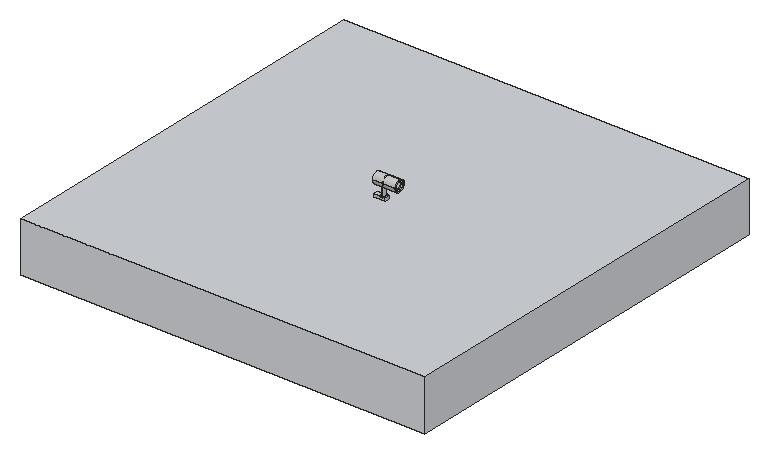
Revit family "LAMP_HANCE TRACK MEDIUM FLOOD (DALI)", category Modelos genéricos, Revit 2015
Parameters (values of type "751LM 3000 BLACK")
  Weight = 0.47 kg
  Type = "COB PHILIPS"
  Total height = 190 mm
  Tilting angle [instance] = 90.00°
  Tilting [instance] = if(Tilting angle < 0.00°, 0.00°, if(Tilting angle > 90.00°, 90.00°, Tilting angle))  # 90.00°
  Rotation angle [instance] = 0.00°
  Rotation [instance] = if(Rotation angle < 0.00°, 90.00°, if(Rotation angle > 355.00°, 85.00°, Rotation angle + 90.00°))  # 90.00°
  Protection rating = "IP20"
  Profundidad tija = if(Longitud cuerpo = 210 mm, 18 mm, 8.2 mm)  # 8.2 mm
  Product datasheet = "http://www.lamp.es/product-files/TECH/HS1TK10MF830DBB-EN.pdf"
  Product code = "HS1TK10MF830DBB"
  Product URL = "http://www.lamp.es/en/family/hance_173901"
  Power Supply = "220-240V 50-60Hz"
  Power = 7 W
  Plum = 8.2 W
  Photometric web file = Cuerpo Hance TRACK MEDIUM FLOOD (tilting) : 751LM 3000 BLACK
  Modelo = Product code  # "HS1TK10MF830DBB"
  Model explanation = "Availability of tilting between 0º and 90º, rotation between 0º and 355º and change ring color when placed in a project."
  Material track = LAMP_Aluminio Hance Negro
  Material tija = LAMP_Aluminio Hance Negro
  Manufacturer name = "LAMP"
  Manufacturer country = "Spain"
  Manufacturer URL = "http://www.lamp.es/en"
  MacAdam = "3"
  Luminaire type = "Indoor - Spotlight"
  Longitud cuerpo = 135 mm
  Longitud aro = if(Longitud cuerpo = 135 mm, 63.6 mm, if(Longitud cuerpo = 170 mm, 98.6 mm, 138.6 mm))  # 63.6 mm
  Last update = "08/08/2018"
  Lamp = "LED COB"
  LED Lifetime = "50.000 L90 B10"
  Insulation class = "I"
  Installation instructions = "http://www.lamp.es/product-files/INS/1004280-A-INSTR.%20MONT%20HANCE%20TRACK220-SUR-REC.pdf"
  Initial intensity = 751 lm
  Initial color = 3000 K
  IEE = "A+"
  Gear = "Adjustable DALI"
  Finish = "Texturised black"
  Fabricante = Manufacturer name  # "LAMP"
  Default Elevation = 1219.2 mm
  Efficacy = 91.63 lm/W
  Diameter = 65 mm
  Descripción = "HANCE TRACK 220 1000 WW MFL BK."
  Decorative ring [instance] = Aro decorativo (tilting) : Black
  Comentarios de tipo = Model explanation  # "Availability of tilting between 0º and 90º, rotation between 0º and 355º and change ring color when placed in a project."
  CRI = "80"
  Body height = 135 mm
  Angulo aro [instance] = if(Tilting = 90.00°, 90.00°, -Tilting + 180.00°)  # 90.00°
  Anchura tija = if(Longitud cuerpo = 210 mm, 28 mm, 23 mm)  # 23 mm
  Altura tija = if(Longitud cuerpo = 210 mm, 49 mm, 63 mm)  # 63 mm
Types (17, lengths in mm): name | Weight | Total height | Profundidad tija | Product datasheet | Product code | Power | Plum | Photometric web file | Modelo | Material track | Material tija | Longitud cuerpo | Longitud aro | LED Lifetime | Initial intensity | Initial color | IEE | Finish | Efficacy | Diameter | Descripción | Body height | Anchura tija | Altura tija
  (no name) | 0.47 kg | 190 | 8.2 | "http://www.lamp.es/product-files/TECH/HS1TK10MF830DBB-EN.pdf" | "HS1TK10MF830DBB" | 7 W | 8.2 W | Cuerpo Hance TRACK MEDIUM FLOOD (tilting) : 751LM 3000 BLACK | "HS1TK10MF830DBB" | LAMP_Aluminio Hance Negro | LAMP_Aluminio Hance Negro | 135 | 63.6 | "50.000 L90 B10" | 751 lm | 3000 K | "A+" | "Texturised black" | 91.63 lm/W | 65 | "HANCE TRACK 220 1000 WW MFL BK." | 135 | 23 | 63
  751LM 3000 BLACK | 0.47 kg | 190 | 8.2 | "http://www.lamp.es/product-files/TECH/HS1TK10MF830DBB-EN.pdf" | "HS1TK10MF830DBB" | 7 W | 8.2 W | Cuerpo Hance TRACK MEDIUM FLOOD (tilting) : 751LM 3000 BLACK | "HS1TK10MF830DBB" | LAMP_Aluminio Hance Negro | LAMP_Aluminio Hance Negro | 135 | 63.6 | "50.000 L90 B10" | 751 lm | 3000 K | "A+" | "Texturised black" | 91.63 lm/W | 65 | "HANCE TRACK 220 1000 WW MFL BK." | 135 | 23 | 63
  751LM 3000 WHITE | 0.47 kg | 190 | 8.2 | "http://www.lamp.es/product-files/TECH/HS1TK10MF830DBW-EN.pdf" | "HS1TK10MF830DBW" | 7 W | 8.2 W | Cuerpo Hance TRACK MEDIUM FLOOD (tilting) : 751LM 3000 WHITE | "HS1TK10MF830DBW" | LAMP_Aluminio Hance Blanco | LAMP_Aluminio Hance Blanco | 135 | 63.6 | "50.000 L90 B10" | 751 lm | 3000 K | "A+" | "Texturised matt white" | 91.63 lm/W | 65 | "HANCE TRACK 220 1000 WW MFL WH." | 135 | 23 | 63
  794LM 4000 BLACK | 0.47 kg | 190 | 8.2 | "http://www.lamp.es/product-files/TECH/HS1TK10MF840DBB-EN.pdf" | "HS1TK10MF840DBB" | 7 W | 8.2 W | Cuerpo Hance TRACK MEDIUM FLOOD (tilting) : 794LM 4000 BLACK | "HS1TK10MF840DBB" | LAMP_Aluminio Hance Negro | LAMP_Aluminio Hance Negro | 135 | 63.6 | "50.000 L90 B10" | 794 lm | 4000 K | "A++" | "Texturised black" | 96.83 lm/W | 65 | "HANCE TRACK 220 1000 NW MFL BK." | 135 | 23 | 63
  794LM 4000 WHITE | 0.47 kg | 190 | 8.2 | "http://www.lamp.es/product-files/TECH/HS1TK10MF840DBW-EN.pdf" | "HS1TK10MF840DBW" | 7 W | 8.2 W | Cuerpo Hance TRACK MEDIUM FLOOD (tilting) : 794LM 4000 WHITE | "HS1TK10MF840DBW" | LAMP_Aluminio Hance Blanco | LAMP_Aluminio Hance Blanco | 135 | 63.6 | "50.000 L90 B10" | 794 lm | 4000 K | "A++" | "Texturised matt white" | 96.83 lm/W | 65 | "HANCE TRACK 220 1000 NW MFL WH." | 135 | 23 | 63
  1612LM 3000 BLACK | 0.65 kg | 225 | 8.2 | "http://www.lamp.es/product-files/TECH/HS1TK20MF830DBB-EN.pdf" | "HS1TK20MF830DBB" | 18 W | 21 W | Cuerpo Hance TRACK MEDIUM FLOOD (tilting) : 1612LM 3000 BLACK | "HS1TK20MF830DBB" | LAMP_Aluminio Hance Negro | LAMP_Aluminio Hance Negro | 170 | 98.6 | "50.000 L80 B10" | 1612 lm | 3000 K | "A+" | "Texturised black" | 76.74 lm/W | 65 | "HANCE TRACK 220 2000 WW MFL BK." | 170 | 23 | 63
  1612LM 3000 WHITE | 0.65 kg | 225 | 8.2 | "http://www.lamp.es/product-files/TECH/HS1TK20MF830DBW-EN.pdf" | "HS1TK20MF830DBW" | 18 W | 21 W | Cuerpo Hance TRACK MEDIUM FLOOD (tilting) : 1612LM 3000 WHITE | "HS1TK20MF830DBW" | LAMP_Aluminio Hance Blanco | LAMP_Aluminio Hance Blanco | 170 | 98.6 | "50.000 L80 B10" | 1612 lm | 3000 K | "A+" | "Texturised matt white" | 76.74 lm/W | 65 | "HANCE TRACK 220 2000 WW MFL WH." | 170 | 23 | 63
  1703LM 4000 BLACK | 0.65 kg | 225 | 8.2 | "http://www.lamp.es/product-files/TECH/HS1TK20MF840DBB-EN.pdf" | "HS1TK20MF840DBB" | 18 W | 21 W | Cuerpo Hance TRACK MEDIUM FLOOD (tilting) : 1703LM 4000 BLACK | "HS1TK20MF840DBB" | LAMP_Aluminio Hance Negro | LAMP_Aluminio Hance Negro | 170 | 98.6 | "50.000 L80 B10" | 1703 lm | 4000 K | "A+" | "Texturised black" | 81.09 lm/W | 65 | "HANCE TRACK 220 2000 NW MFL BK." | 170 | 23 | 63
  1703LM 4000 WHITE | 0.65 kg | 225 | 8.2 | "http://www.lamp.es/product-files/TECH/HS1TK20MF840DBW-EN.pdf" | "HS1TK20MF840DBW" | 18 W | 21 W | Cuerpo Hance TRACK MEDIUM FLOOD (tilting) : 1703LM 4000 WHITE | "HS1TK20MF840DBW" | LAMP_Aluminio Hance Blanco | LAMP_Aluminio Hance Blanco | 170 | 98.6 | "50.000 L80 B10" | 1703 lm | 4000 K | "A+" | "Texturised matt white" | 81.09 lm/W | 65 | "HANCE TRACK 220 2000 NW MFL WH." | 170 | 23 | 63
  2625LM 3000 BLACK | 1.35 kg | 265 | 18 | "http://www.lamp.es/product-files/TECH/HS1TK30MF830DBB-EN.pdf" | "HS1TK30MF830DBB" | 26 W | 28.6 W | Cuerpo Hance TRACK MEDIUM FLOOD (tilting) : 2625LM 3000 BLACK | "HS1TK30MF830DBB" | LAMP_Aluminio Hance Negro | LAMP_Aluminio Hance Negro | 210 | 138.6 | "50.000 L80 B10" | 2625 lm | 3000 K | "A+" | "Texturised black" | 91.77 lm/W | 90 | "HANCE TRACK 220 3000 WW MFL BK." | 210 | 28 | 49
  2625LM 3000 WHITE | 1.35 kg | 265 | 18 | "http://www.lamp.es/product-files/TECH/HS1TK30MF830DBW-EN.pdf" | "HS1TK30MF830DBW" | 26 W | 28.6 W | Cuerpo Hance TRACK MEDIUM FLOOD (tilting) : 2625LM 3000 WHITE | "HS1TK30MF830DBW" | LAMP_Aluminio Hance Blanco | LAMP_Aluminio Hance Blanco | 210 | 138.6 | "50.000 L80 B10" | 2625 lm | 3000 K | "A+" | "Texturised matt white" | 91.77 lm/W | 90 | "HANCE TRACK 220 3000 WW MFL WH." | 210 | 28 | 49
  2744LM 4000 BLACK | 1.35 kg | 265 | 18 | "http://www.lamp.es/product-files/TECH/HS1TK30MF840DBB-EN.pdf" | "HS1TK30MF840DBB" | 26 W | 28.6 W | Cuerpo Hance TRACK MEDIUM FLOOD (tilting) : 2744LM 4000 BLACK | "HS1TK30MF840DBB" | LAMP_Aluminio Hance Negro | LAMP_Aluminio Hance Negro | 210 | 138.6 | "50.000 L80 B10" | 2744 lm | 4000 K | "A+" | "Texturised black" | 95.94 lm/W | 90 | "HANCE TRACK 220 3000 NW MFL BK." | 210 | 28 | 49
  2744LM 4000 WHITE | 1.35 kg | 265 | 18 | "http://www.lamp.es/product-files/TECH/HS1TK30MF840DBW-EN.pdf" | "HS1TK30MF840DBW" | 26 W | 28.6 W | Cuerpo Hance TRACK MEDIUM FLOOD (tilting) : 2744LM 4000 WHITE | "HS1TK30MF840DBW" | LAMP_Aluminio Hance Blanco | LAMP_Aluminio Hance Blanco | 210 | 138.6 | "50.000 L80 B10" | 2744 lm | 4000 K | "A+" | "Texturised matt white" | 95.94 lm/W | 90 | "HANCE TRACK 220 3000 NW MFL WH." | 210 | 28 | 49
  3387LM 3000 BLACK | 1.35 kg | 265 | 18 | "http://www.lamp.es/product-files/TECH/HS1TK40MF830DBB-EN.pdf" | "HS1TK40MF830DBB" | 35 W | 39.5 W | Cuerpo Hance TRACK MEDIUM FLOOD (tilting) : 3387LM 3000 BLACK | "HS1TK40MF830DBB" | LAMP_Aluminio Hance Negro | LAMP_Aluminio Hance Negro | 210 | 138.6 | "50.000 L80 B10" | 3387 lm | 3000 K | "A+" | "Texturised black" | 85.75 lm/W | 90 | "HANCE TRACK 220 4000 WW MFL BK." | 210 | 28 | 49
  3387LM 3000 WHITE | 1.35 kg | 265 | 18 | "http://www.lamp.es/product-files/TECH/HS1TK40MF830DBW-EN.pdf" | "HS1TK40MF830DBW" | 35 W | 39.5 W | Cuerpo Hance TRACK MEDIUM FLOOD (tilting) : 3387LM 3000 WHITE | "HS1TK40MF830DBW" | LAMP_Aluminio Hance Blanco | LAMP_Aluminio Hance Blanco | 210 | 138.6 | "50.000 L80 B10" | 3387 lm | 3000 K | "A+" | "Texturised matt white" | 85.75 lm/W | 90 | "HANCE TRACK 220 4000 WW MFL WH." | 210 | 28 | 49
  3527LM 4000 BLACK | 1.35 kg | 265 | 18 | "http://www.lamp.es/product-files/TECH/HS1TK40MF840DBB-EN.pdf" | "HS1TK40MF840DBB" | 35 W | 39.5 W | Cuerpo Hance TRACK MEDIUM FLOOD (tilting) : 3527LM 4000 BLACK | "HS1TK40MF840DBB" | LAMP_Aluminio Hance Negro | LAMP_Aluminio Hance Negro | 210 | 138.6 | "50.000 L80 B10" | 3527 lm | 4000 K | "A+" | "Texturised black" | 89.29 lm/W | 90 | "HANCE TRACK 220 4000 NW MFL BK." | 210 | 28 | 49
  3527LM 4000 WHITE | 1.35 kg | 265 | 18 | "http://www.lamp.es/product-files/TECH/HS1TK40MF840DBW-EN.pdf" | "HS1TK40MF840DBW" | 35 W | 39.5 W | Cuerpo Hance TRACK MEDIUM FLOOD (tilting) : 3527LM 4000 WHITE | "HS1TK40MF840DBW" | LAMP_Aluminio Hance Blanco | LAMP_Aluminio Hance Blanco | 210 | 138.6 | "50.000 L80 B10" | 3527 lm | 4000 K | "A+" | "Texturised matt white" | 89.29 lm/W | 90 | "HANCE TRACK 220 4000 NW MFL WH." | 210 | 28 | 49
Reference planes
  plane 1 "Centro (Frontal/Posterior)": y = 0
  plane 2: z = 0
  plane 3 "Centro (Izquierda/Derecha)": x = 0
Forms (mm)
  Extrusion 1, solid
    sketch origin (0, 0, 0) x (1, 0, 0) y (0, 1, 0)
      loop
        line (-1219.2, 1219.2) -> (-1219.2, -1219.2) -> (1219.2, -1219.2) -> (1219.2, 1219.2) -> (-1219.2, 1219.2)
    from 0 to -304.8
  Extrusion 2, solid, material "LAMP_Aluminio Hance Negro" <- "Material track"
    sketch origin (-17.6, 0, 0) x (1, 0, 0) y (0, 1, 0)
      loop
        arc (-31.129, 16) -> (-35, 0) -> (-31.129, -16) r 35
        line (-31.129, -16) -> (31.129, -16)
        arc (31.129, -16) -> (35, 0) -> (31.129, 16) r 35
        line (31.129, 16) -> (-31.129, 16)
    from -26 to 14
  Extrusion 3, void
    sketch origin (0, 0, 0) x (0, 1, 0) y (0, 0, 1)
      loop
        line (17, 0) -> (7, 0) -> (7, -25) -> (-7, -25) -> (-7, 0) -> (-17, 0) -> (-17, -26) -> (17, -26) -> (17, 0)
    from -55.461 to 19.43
  Extrusion 4, void
    sketch origin (-17.6, 0, 0) x (-1, 0, 0) y (0, -1, 0)
      loop
        circle (-17.6, 0) r 6.5
    from -7.7 to 14
  Extrusion 5, solid, material "LAMP_Aluminio Hance Negro" <- "Material track"
    sketch origin (0, 0, 0) x (1, 0, 0) y (0, 1, 0)
      loop
        circle (-1, 0) r 15.5
    from 14 to 18
Cuts and joins
  Extrusion 3, Extrusion 4 cuts Extrusion 2
Lines and regions (mm)
  reference lines
    curve 1: line (0, 0, 0) -> (50, 0, 0)
Text (mm)
  text "Any modification of the parameters and properties of the LAMP BIM models must be executed and validated by the LAMP technical department.\n\nPhone: +34 93 736 68 00\n\nE-mail: lamp@lamp.es\n\n\n\nLAMP reserves the right to modify the technical specifications of its products." at (-21121.101, 14209.599, -7381.955), in view "Preview"
Dimensions and locks
  "Rotation": angle curve 1 to plane 3 "Centro (Izquierda/Derecha)"
  aligned and locked: plane 2 to Extrusion 1
  aligned and locked: level to Extrusion 1
  aligned and locked: plane 3 "Centro (Izquierda/Derecha)" to curve 1
  aligned and locked: plane 1 "Centro (Frontal/Posterior)" to curve 1
Automatic sketch dimensions
  Extrusion 1 sketch curve to Extrusion 1 sketch curve = 2438.4 mm  (x2)
  Extrusion 2 sketch curve to Extrusion 2 sketch curve = 0 mm  (x2)
  plane 1 "Centro (Frontal/Posterior)" to Extrusion 2 sketch curve = 0 mm
  Extrusion 2 sketch curve to plane 1 "Centro (Frontal/Posterior)" = 16 mm
  Extrusion 2 sketch curve to plane 3 "Centro (Izquierda/Derecha)" = 48.729 mm
  plane 1 "Centro (Frontal/Posterior)" to Extrusion 2 sketch curve = 16 mm
  Extrusion 2 sketch curve to plane 3 "Centro (Izquierda/Derecha)" = 17.6 mm
  plane 3 "Centro (Izquierda/Derecha)" to Extrusion 2 sketch curve = 13.529 mm
  Extrusion 3 sketch curve to level = 0 mm  (x2)
  plane 1 "Centro (Frontal/Posterior)" to Extrusion 3 sketch curve = 17 mm
  plane 1 "Centro (Frontal/Posterior)" to Extrusion 3 sketch curve = 7 mm
  Extrusion 3 sketch curve to plane 1 "Centro (Frontal/Posterior)" = 7 mm
  Extrusion 3 sketch curve to Extrusion 3 sketch curve = 10 mm
  Extrusion 3 sketch curve to Extrusion 3 sketch curve = 25 mm
  Extrusion 3 sketch curve to Extrusion 3 sketch curve = 1 mm
  plane 1 "Centro (Frontal/Posterior)" to Extrusion 4 sketch curve = 0 mm
  Extrusion 4 sketch curve to plane 3 "Centro (Izquierda/Derecha)" = 0 mm
  Extrusion 5 sketch curve to curve 1 = 0 mm
  Extrusion 5 sketch curve to curve 1 = 1 mm
  radius of Extrusion 4 sketch curve = 6.5 mm
  radius of Extrusion 5 sketch curve = 15.5 mm
Nested families
  nested 1: "Aro decorativo (tilting)" at (-0.5, 0, 73.163) x (1, 0, 0) z (0, 0, -1), type <- "Decorative ring", type "Black"
  nested 2: "Tija track" at (1, 0, 18), type "Tija track"
  nested 3: "Cuerpo Hance TRACK MEDIUM FLOOD (tilting)" at (-0.525, 0, 73.145) x (1, 0, 0) z (0, 0, -1), type <- "Photometric web file", type "751LM 3000 BLACK"
    with Longitud cuerpo 135 mm
Connectors
  electrical at (-17.6, 0, -25)
    settings: on cut or joined group of Extrusion 2, Extrusion 3, Extrusion 4, index 1, voltage 230 V, apparent load 0 VA, apparent load phase1 0 VA, apparent load phase2 0 VA, apparent load phase3 0 VA, power factor 1, load classification "Otro", number of poles 1, system type 31, power factor state 1, is connector primary yes, connector utility no, sub classification motor no, connector description ""
Definition of nested family "Aro decorativo (tilting)"
  Parameters (values of type "Copper")
    Weight (3000/4000) = 0.016 kg
    Weight (1000/2000) = 0.01 kg
    Tilting = 90.00°
    Product datasheet = ""
    Product code (3000/4000) = "HSRI90C"
    Product code (1000/2000) = "HSRI65C"
    Product URL = ""
    Model = ""
    Material aro = none
    Manufacturer name = "LAMP"
    Manufacturer country = "Spain"
    Manufacturer URL = "http://www.lamp.es/en"
    Longitud = 63.6 mm
    Last update = "21/05/2018"
    Installation instructions = ""
    Finish = "Metalized matt copper"
    Manufacturer = Manufacturer name  # "LAMP"
    Default Elevation = 1219.2 mm
    Diameter (3000/4000) = 90 mm
    Diameter (1000/2000) = 65 mm
    Description = ""
    Accessory Type = "Optic"
    3000/4000 Model = "HSRI90C"
    3000/4000 Description = "HANCE 3000/4000 ACC. RING DECO CO."
    1000/2000 Model = "HSRI65C"
    1000/2000 Description = "HANCE 1000/2000 ACC. RING DECO CO."
  Types (5, lengths in mm): name | Product code (3000/4000) | Product code (1000/2000) | Finish | 3000/4000 Model | 3000/4000 Description | 1000/2000 Model | 1000/2000 Description
    (no name) | "HSRI90C" | "HSRI65C" | "Metalized matt copper" | "HSRI90C" | "HANCE 3000/4000 ACC. RING DECO CO." | "HSRI65C" | "HANCE 1000/2000 ACC. RING DECO CO."
    Black | "HSRI90B" | "HSRI65B" | "Matt black" | "HSRI90B" | "HANCE 3000/4000 ACC. RING DECO BK." | "HSRI65B" | "HANCE 1000/2000 ACC. RING DECO BK."
    Copper | "HSRI90C" | "HSRI65C" | "Metalized matt copper" | "HSRI90C" | "HANCE 3000/4000 ACC. RING DECO CO." | "HSRI65C" | "HANCE 1000/2000 ACC. RING DECO CO."
    Grey | "HSRI90M" | "HSRI65M" | "Metalized matt silver" | "HSRI90M" | "HANCE 3000/4000 ACC. RING DECO MET." | "HSRI65M" | "HANCE 1000/2000 ACC. RING DECO MET."
    White | "HSRI90W" | "HSRI65W" | "Matt White" | "HSRI90W" | "HANCE 3000/4000 ACC. RING DECO WH." | "HSRI65W" | "HANCE 1000/2000 ACC. RING DECO WH."
  Reference planes
    plane 1 "Centro (Frontal/Posterior)": y = 0
    plane 2: z = 0
    plane 3 "Centro (Izquierda/Derecha)": x = 0
  Lines and regions (mm)
    reference lines
      curve 1: line (0, 0, 0) -> (0, 0, -27.9)
      curve 2: line (0, 0, -27.9) -> (80.8, 0, -27.9)
  Text (mm)
    text "Any modification of the parameters and properties of the LAMP BIM models must be executed and validated by the LAMP technical department.\n\nPhone: +34 93 736 68 00\n\nE-mail: lamp@lamp.es\n\n\n\nLAMP reserves the right to modify the technical specifications of its products." at (86527.204, -96597.187, 50741.736), in view "Preview"
  Dimensions and locks
    "Tilting": angle curve 1 to plane 2
    aligned and locked: level to plane 2
    aligned and locked: plane 3 "Centro (Izquierda/Derecha)" to curve 1
    aligned and locked: plane 2 to curve 1
  Automatic sketch dimensions
    curve 2 to curve 1 = 0 mm
    curve 1 to curve 2 = 0 mm
    curve 1 to curve 2 = 80.8 mm
  Nested families
    nested 1: "Aro decorativo" at (17.2, 0, 0), type "Copper"
  Definition of nested family "Aro decorativo"
    Parameters (values of type "Copper")
      Weight (3000/4000) = 0.016 kg
      Weight (1000/2000) = 0.01 kg
      Product datasheet = ""
      Product code (3000/4000) = "HSRI90C"
      Product code (1000/2000) = "HSRI65C"
      Product URL = ""
      Model = ""
      Material aro = none
      Manufacturer name = "LAMP"
      Manufacturer country = "Spain"
      Manufacturer URL = "http://www.lamp.es/en"
      Longitud = 63.6 mm
      Last update = "21/05/2018"
      Installation instructions = ""
      Finish = "Metalized matt copper"
      Manufacturer = Manufacturer name  # "LAMP"
      Default Elevation = 1219.2 mm
      Diametro vaciado aro interior = if(Diametro aro interior = 35.4 mm, 34.4 mm, 21.9 mm)  # 21.9 mm
      Diametro vaciado aro exterior = if(Diametro aro exterior = 42.9 mm, 41.9 mm, 29.4 mm)  # 29.4 mm
      Diametro aro interior = if(Diametro aro exterior = 42.9 mm, 35.4 mm, 22.9 mm)  # 22.9 mm
      Diametro aro exterior = if(Longitud = 138.6 mm, 42.9 mm, 30.4 mm)  # 30.4 mm
      Diameter (3000/4000) = 90 mm
      Diameter (1000/2000) = 65 mm
      Description = ""
      Accessory Type = "Optic"
      3000/4000 Model = "HSRI90C"
      3000/4000 Description = "HANCE 3000/4000 ACC. RING DECO CO."
      1000/2000 Description = "HANCE 1000/2000 ACC. RING DECO CO."
      1000/2000 Model = "HSRI65C"
    Types (5, lengths in mm): name | Product code (3000/4000) | Product code (1000/2000) | Finish | 3000/4000 Model | 3000/4000 Description | 1000/2000 Description | 1000/2000 Model
      (no name) | "HSRI90C" | "HSRI65C" | "Metalized matt copper" | "HSRI90C" | "HANCE 3000/4000 ACC. RING DECO CO." | "HANCE 1000/2000 ACC. RING DECO CO." | "HSRI65C"
      Black | "HSRI90B" | "HSRI65B" | "Matt black" | "HSRI90B" | "HANCE 3000/4000 ACC. RING DECO BK." | "HANCE 1000/2000 ACC. RING DECO BK." | "HSRI65B"
      Copper | "HSRI90C" | "HSRI65C" | "Metalized matt copper" | "HSRI90C" | "HANCE 3000/4000 ACC. RING DECO CO." | "HANCE 1000/2000 ACC. RING DECO CO." | "HSRI65C"
      Grey | "HSRI90M" | "HSRI65M" | "Metalized matt silver" | "HSRI90M" | "HANCE 3000/4000 ACC. RING DECO MET." | "HANCE 1000/2000 ACC. RING DECO MET." | "HSRI65M"
      White | "HSRI90W" | "HSRI65W" | "Matt white" | "HSRI90W" | "HANCE 3000/4000 ACC. RING DECO WH." | "HANCE 1000/2000 ACC. RING DECO WH." | "HSRI65W"
    Reference planes
      plane 1 "Centro (Frontal/Posterior)": y = 0
      plane 2: z = 0
      plane 3 "Centro (Izquierda/Derecha)": x = 0
    Forms (mm)
      Revolve 1, solid, material <- "Material aro"
        sketch origin (0, 0, -27.9) x (1, 0, 0) y (0, 0, 1)
          loop
            line (63.6, 0) -> (73.782, 0) -> (73.782, 30.4) -> (63.6, 22.9) -> (63.6, 0)
          axis (73.782, 0) -> (63.6, 0)
        angle from 0 to 360
      Revolve 2, void
        sketch origin (0, 0, -27.9) x (1, 0, 0) y (0, 0, 1)
          loop
            line (73.782, 29.4) -> (63.6, 21.9) -> (63.6, 0) -> (73.782, 0) -> (73.782, 29.4)
          axis (63.6, 0) -> (73.782, 0)
        angle from 0 to 360
    Cuts and joins
      Revolve 2 cuts Revolve 1
    Lines and regions (mm)
      reference lines
        curve 1: line (0, 0, -27.9) -> (63.6, 0, -27.9)
    Text (mm)
      text "Any modification of the parameters and properties of the LAMP BIM models must be executed and validated by the LAMP technical department.\n\nPhone: +34 93 736 68 00\n\nE-mail: lamp@lamp.es\n\n\n\nLAMP reserves the right to modify the technical specifications of its products." at (91886.357, -93022.329, 47898.266), in view "Preview"
    Dimensions and locks
      "Diametro aro exterior": Revolve 1 sketch curve to Revolve 1 sketch curve
      "Diametro vaciado aro exterior": Revolve 2 sketch curve to Revolve 2 sketch curve
      "Longitud": curve 1 to plane 3 "Centro (Izquierda/Derecha)"
      "Diametro aro interior": Revolve 1 sketch curve to Revolve 1 sketch curve
      "Diametro vaciado aro interior": Revolve 2 sketch curve to Revolve 2 sketch curve
      aligned and locked: level to plane 2
    Automatic sketch dimensions
      Revolve 1 sketch curve to curve 1 = 0 mm  (x4)
      curve 1 to Revolve 1 sketch curve = 10.182 mm
      Revolve 1 sketch curve to Revolve 1 sketch curve = 0 mm
      Revolve 2 sketch curve to curve 1 = 0 mm  (x3)
      curve 1 to Revolve 2 sketch curve = 10.182 mm
      Revolve 2 sketch curve to curve 1 = 1261.008 mm
      Revolve 2 sketch curve to Revolve 2 sketch curve = 1898.983 mm
      curve 1 to plane 3 "Centro (Izquierda/Derecha)" = 0 mm
      curve 1 to level = 27.9 mm
Definition of nested family "Tija track"
  Parameters (values of type "Tija track")
    Profundidad tija = 8.2 mm
    Material tija = none
    Default Elevation = 1219.2 mm
    Anchura tija = 23 mm
    Profundo vaciado = if(Profundidad tija = 18 mm, 10.8 mm, 1 mm)  # 1 mm
    Ancho vaciado = Anchura tija  # 23 mm
    Altura tija = 63 mm
  Reference planes
    plane 1 "Centro (Frontal/Posterior)": y = 0
    plane 2: z = 0
    plane 3 "Centro (Izquierda/Derecha)": x = 0
  Forms (mm)
    Extrusion 1, solid
      sketch origin (0, 0, 0) x (1, 0, 0) y (0, 1, 0)
        loop
          line (-1219.2, 1219.2) -> (-1219.2, -1219.2) -> (1219.2, -1219.2) -> (1219.2, 1219.2) -> (-1219.2, 1219.2)
      from 0 to -304.8
    Extrusion 2, solid, material <- "Material tija"
      sketch origin (0, 0, -18) x (1, 0, 0) y (0, 0, 1)
        loop
          line (4.1, 18) -> (4.1, 81) -> (-6.297, 81)
          arc (-6.297, 81) -> (-12.297, 75) -> (-6.297, 69) r 6
          line (-6.297, 69) -> (-4.1, 69) -> (-4.1, 18) -> (4.1, 18)
      from -11.5 to 11.5
    Extrusion 3, void
      sketch origin (0, 0, -20) x (-1, 0, 0) y (0, 0, 1)
        loop
          circle (7.297, 77) r 3
        loop
          circle (7.297, 63) r 3
      from -17.317 to 15.502
    Extrusion 4, void
      sketch origin (1, -11.5, 0) x (-1, 0, 0) y (0, 1, 0)
        loop
          line (0, 23) -> (-38.141, 23) -> (-38.141, 0) -> (0, 0)
          arc (0, 0) -> (-1.663, 11.5) -> (0, 23) r 40.6
      from -63 to 0
  Cuts and joins
    Extrusion 3, Extrusion 4 cuts Extrusion 2
  Lines and regions (mm)
    reference lines
      curve 1: line (1, -11.5, 0) -> (1, 11.5, 0)
  Dimensions and locks
    equal spacing: cut or joined group of Extrusion 2, Extrusion 3, Extrusion 4, plane 1 "Centro (Frontal/Posterior)", cut or joined group of Extrusion 2, Extrusion 3, Extrusion 4
    "Anchura tija": cut or joined group of Extrusion 2, Extrusion 3, Extrusion 4 to cut or joined group of Extrusion 2, Extrusion 3, Extrusion 4
    plane 1 "Centro (Frontal/Posterior)" to Extrusion 4 sketch curve = 11.5 mm
    "Altura tija": Extrusion 2 sketch curve to Extrusion 2 sketch curve
    "Profundidad tija": cut or joined group of Extrusion 2, Extrusion 3, Extrusion 4 to cut or joined group of Extrusion 2, Extrusion 3, Extrusion 4
    locked: cut or joined group of Extrusion 2, Extrusion 3, Extrusion 4 to plane 3 "Centro (Izquierda/Derecha)" at 4.1
    locked: plane 3 "Centro (Izquierda/Derecha)" to Extrusion 4 sketch curve at 39.141
    "Profundo vaciado": plane 3 "Centro (Izquierda/Derecha)" to curve 1
    "Ancho vaciado": Extrusion 4 sketch curve to Extrusion 4 sketch curve
    equal spacing: Extrusion 4 sketch curve, plane 1 "Centro (Frontal/Posterior)", Extrusion 4 sketch curve
    aligned and locked: plane 2 to Extrusion 1
    aligned and locked: level to Extrusion 1
  Automatic sketch dimensions
    Extrusion 1 sketch curve to Extrusion 1 sketch curve = 2438.4 mm  (x2)
    Extrusion 3 sketch curve to plane 3 "Centro (Izquierda/Derecha)" = 7.297 mm  (x2)
    level to Extrusion 3 sketch curve = 43 mm
    Extrusion 3 sketch curve to Extrusion 3 sketch curve = 14 mm
    Extrusion 2 sketch curve to level = 0 mm
    Extrusion 2 sketch curve to plane 3 "Centro (Izquierda/Derecha)" = 6.297 mm
    Extrusion 2 sketch curve to Extrusion 2 sketch curve = 2.197 mm
    plane 3 "Centro (Izquierda/Derecha)" to Extrusion 2 sketch curve = 4.1 mm
    Extrusion 2 sketch curve to Extrusion 2 sketch curve = 12 mm
    plane 1 "Centro (Frontal/Posterior)" to curve 1 = 11.5 mm
    curve 1 to plane 1 "Centro (Frontal/Posterior)" = 11.5 mm
    Extrusion 4 sketch curve to curve 1 = 0 mm  (x2)
    curve 1 to Extrusion 4 sketch curve = 38.937 mm
    radius of Extrusion 3 sketch curve = 3 mm  (x2)
Definition of nested family "Cuerpo Hance TRACK MEDIUM FLOOD (tilting)"
  Parameters (values of type "751LM 3000 BLACK")
    Tilting = 90.00°
    Photometric web file = Cuerpo Hance TRACK MEDIUM FLOOD : 751LM 3000 BLACK
    Longitud cuerpo = 210 mm
    Default Elevation = 1219.2 mm
  Types (16, lengths in mm): name | Photometric web file
    751LM 3000 BLACK | Cuerpo Hance TRACK MEDIUM FLOOD : 751LM 3000 BLACK
    751LM 3000 WHITE | Cuerpo Hance TRACK MEDIUM FLOOD : 751LM 3000 WHITE
    794LM 4000 BLACK | Cuerpo Hance TRACK MEDIUM FLOOD : 794LM 4000 BLACK
    794LM 4000 WHITE | Cuerpo Hance TRACK MEDIUM FLOOD : 794LM 4000 WHITE
    1612LM 3000 BLACK | Cuerpo Hance TRACK MEDIUM FLOOD : 1612LM 3000 BLACK
    1612LM 3000 WHITE | Cuerpo Hance TRACK MEDIUM FLOOD : 1612LM 3000 WHITE
    1703LM 4000 BLACK | Cuerpo Hance TRACK MEDIUM FLOOD : 1703LM 4000 BLACK
    1703LM 4000 WHITE | Cuerpo Hance TRACK MEDIUM FLOOD : 1703LM 4000 WHITE
    2625LM 3000 BLACK | Cuerpo Hance TRACK MEDIUM FLOOD : 2625LM 3000 BLACK
    2625LM 3000 WHITE | Cuerpo Hance TRACK MEDIUM FLOOD : 2625LM 3000 WHITE
    2744LM 4000 BLACK | Cuerpo Hance TRACK MEDIUM FLOOD : 2744LM 4000 BLACK
    2744LM 4000 WHITE | Cuerpo Hance TRACK MEDIUM FLOOD : 2744LM 4000 WHITE
    3387LM 3000 BLACK | Cuerpo Hance TRACK MEDIUM FLOOD : 3387LM 3000 BLACK
    3387LM 3000 WHITE | Cuerpo Hance TRACK MEDIUM FLOOD : 3387LM 3000 WHITE
    3527LM 4000 BLACK | Cuerpo Hance TRACK MEDIUM FLOOD : 3527LM 4000 BLACK
    3527LM 4000 WHITE | Cuerpo Hance TRACK MEDIUM FLOOD : 3527LM 4000 WHITE
  Reference planes
    plane 1 "Centro (Frontal/Posterior)": y = 0
    plane 2: z = 0
    plane 3 "Centro (Izquierda/Derecha)": x = 0
  Lines and regions (mm)
    reference lines
      curve 1: line (0, 0, 0) -> (200, 0, 0)
  Dimensions and locks
    "Tilting": angle plane 3 "Centro (Izquierda/Derecha)" to curve 1
    aligned and locked: level to plane 2
    aligned and locked: plane 3 "Centro (Izquierda/Derecha)" to curve 1
    aligned and locked: plane 2 to curve 1
  Nested families
    nested 1: "Cuerpo Hance TRACK MEDIUM FLOOD" at (0, 0, 0), type <- "Photometric web file", type "751LM 3000 BLACK"
      with Radio vacio posterior 42.8 mm, Radio vaciado 43.5 mm, Radio cuerpo 45 mm, Longitud cuerpo 210 mm, Long. origen luz 90 mm, L_3 39.6 mm, L_2 36.3 mm, L_1 36.8 mm, Diametro aro 42.9 mm, Ancho vaciado reflector 34.4 mm, Ancho reflector 35.4 mm, Ancho disipador posterior 80.4 mm, Altura disipador superior 23.9 mm, Ancho disipador superior 28 mm
  Definition of nested family "Cuerpo Hance TRACK MEDIUM FLOOD"
    Parameters (values of type "751LM 3000 BLACK")
      Tilt Angle = 90.00° + Tilting  # 180.00°
      Wattage = 8.2 W
      Tilting = 90.00°
      built-in parameter 1150107 = 3000 (stored number, unit not read)
      Radio vacio posterior = Radio cuerpo - 2.2 mm  # 30.3 mm
      Radio vaciado = Radio cuerpo - 1.5 mm  # 31 mm
      Radio cuerpo = if(Longitud cuerpo = 210 mm, 45 mm, 32.5 mm)  # 32.5 mm
      built-in parameter 1150110 = 1 (stored number, unit not read)
      built-in parameter 1150109 = 1 (stored number, unit not read)
      built-in parameter 1150112 = 1 (stored number, unit not read)
      built-in parameter 1150113 = 1 (stored number, unit not read)
      built-in parameter 1114218 = 1 (stored number, unit not read)
      built-in parameter 1150137 = (empty or 0)
      built-in parameter 1150132 = 2
      Material reflector = none
      Material cuerpo = none
      Material COB = none
      Longitud cuerpo = 135 mm
      Long. origen luz = if(Longitud cuerpo = 135 mm, 20 mm, if(Longitud cuerpo = 170 mm, 55 mm, 90 mm))  # 20 mm
      L_3 = if(Ancho disipador posterior = 80.4 mm, 39.6 mm, 12 mm)  # 12 mm
      L_2 = if(Ancho disipador posterior = 80.4 mm, 36.3 mm, 22.6 mm)  # 22.6 mm
      L_1 = if(Ancho disipador posterior = 80.4 mm, 36.8 mm, 25.4 mm)  # 25.4 mm
      built-in parameter 1150105 = 13113.2 (stored number, unit not read)
      built-in parameter 1150102 = (empty or 0)
      built-in parameter 1150106 = 131.13 (stored number, unit not read)
      Lumens = 751.366 lm
      Color Filter = 16777215
      built-in parameter 1114217 = 1 (stored number, unit not read)
      built-in parameter 1150139 = (empty or 0)
      Default Elevation = 1219.2 mm
      built-in parameter 1150104 = 8.5127 (stored number, unit not read)
      Efficacy = 91.63 lm/W
      Diametro aro = if(Radio cuerpo = 45 mm, 42.9 mm, 30.4 mm)  # 30.4 mm
      built-in parameter 1150115 = 1 (stored number, unit not read)
      built-in parameter 1150114 = 1 (stored number, unit not read)
      built-in parameter 1150138 = (empty or 0)
      built-in parameter 1150134 = (empty or 0)
      Dimming Lamp Color Temperature Shift = (empty or 0)
      Photometric Web File = "HS1TK10MF830NBB.IES"
      Ancho vaciado reflector = if(Radio cuerpo = 45 mm, 34.4 mm, 21.9 mm)  # 21.9 mm
      Ancho reflector = if(Radio cuerpo = 45 mm, 35.4 mm, 22.9 mm)  # 22.9 mm
      Ancho disipador posterior = if(Radio cuerpo = 32.5 mm, 53 mm, 80.4 mm)  # 53 mm
      built-in parameter 1150133 = 10 (stored number, unit not read)
      Altura disipador superior = if(Radio cuerpo = 45 mm, 23.9 mm, 36.9 mm)  # 36.9 mm
      Ancho disipador superior = if(Radio cuerpo = 45 mm, 28 mm, 22.6 mm)  # 22.6 mm
    Types (16, lengths in mm): name | Wattage | built-in parameter 1150107 | Radio vacio posterior | Radio vaciado | Radio cuerpo | Longitud cuerpo | Long. origen luz | L_3 | L_2 | L_1 | built-in parameter 1150105 | built-in parameter 1150106 | Lumens | built-in parameter 1150104 | Efficacy | Diametro aro | built-in parameter 1150134 | Photometric Web File | Ancho vaciado reflector | Ancho reflector | Ancho disipador posterior | Altura disipador superior | Ancho disipador superior
      751LM 3000 BLACK | 8.2 W | 3000 (stored number, unit not read) | 30.3 | 31 | 32.5 | 135 | 20 | 12 | 22.6 | 25.4 | 13113.2 (stored number, unit not read) | 131.13 (stored number, unit not read) | 751.366 lm | 8.5127 (stored number, unit not read) | 91.63 lm/W | 30.4 | (empty or 0) | "HS1TK10MF830NBB.IES" | 21.9 | 22.9 | 53 | 36.9 | 22.6
      751LM 3000 WHITE | 8.2 W | 3000 (stored number, unit not read) | 30.3 | 31 | 32.5 | 135 | 20 | 12 | 22.6 | 25.4 | 13113.2 (stored number, unit not read) | 131.13 (stored number, unit not read) | 751.366 lm | 8.5127 (stored number, unit not read) | 91.63 lm/W | 30.4 | (empty or 0) | "HS1TK10MF830NBW.IES" | 21.9 | 22.9 | 53 | 36.9 | 22.6
      794LM 4000 BLACK | 8.2 W | 4000 (stored number, unit not read) | 30.3 | 31 | 32.5 | 135 | 20 | 12 | 22.6 | 25.4 | 2917 (stored number, unit not read) | 29.17 (stored number, unit not read) | 794.006 lm | 8.9958 (stored number, unit not read) | 96.83 lm/W | 30.4 | 12 | "HS1TK10MF840NBB.IES" | 21.9 | 22.9 | 53 | 36.9 | 22.6
      794LM 4000 WHITE | 8.2 W | 4000 (stored number, unit not read) | 30.3 | 31 | 32.5 | 135 | 20 | 12 | 22.6 | 25.4 | 2917 (stored number, unit not read) | 29.17 (stored number, unit not read) | 794.006 lm | 8.9958 (stored number, unit not read) | 96.83 lm/W | 30.4 | 12 | "HS1TK10MF840NBW.IES" | 21.9 | 22.9 | 53 | 36.9 | 22.6
      1612LM 3000 BLACK | 21 W | 3000 (stored number, unit not read) | 30.3 | 31 | 32.5 | 170 | 55 | 12 | 22.6 | 25.4 | 5920.5 (stored number, unit not read) | 59.205 (stored number, unit not read) | 1611.54 lm | 7.1294 (stored number, unit not read) | 76.74 lm/W | 30.4 | (empty or 0) | "HS1TK20MF830NBB.IES" | 21.9 | 22.9 | 53 | 36.9 | 22.6
      1612LM 3000 WHITE | 21 W | 3000 (stored number, unit not read) | 30.3 | 31 | 32.5 | 170 | 55 | 12 | 22.6 | 25.4 | 5920.5 (stored number, unit not read) | 59.205 (stored number, unit not read) | 1611.54 lm | 7.1294 (stored number, unit not read) | 76.74 lm/W | 30.4 | (empty or 0) | "HS1TK20MF830NBW.IES" | 21.9 | 22.9 | 53 | 36.9 | 22.6
      1703LM 4000 BLACK | 21 W | 4000 (stored number, unit not read) | 30.3 | 31 | 32.5 | 170 | 55 | 12 | 22.6 | 25.4 | 5846.4 (stored number, unit not read) | 58.464 (stored number, unit not read) | 1702.89 lm | 7.5335 (stored number, unit not read) | 81.09 lm/W | 30.4 | 12 | "HS1TK20MF840NBB.IES" | 21.9 | 22.9 | 53 | 36.9 | 22.6
      1703LM 4000 WHITE | 21 W | 4000 (stored number, unit not read) | 30.3 | 31 | 32.5 | 170 | 55 | 12 | 22.6 | 25.4 | 5846.4 (stored number, unit not read) | 58.464 (stored number, unit not read) | 1702.89 lm | 7.5335 (stored number, unit not read) | 81.09 lm/W | 30.4 | 12 | "HS1TK20MF840NBW.IES" | 21.9 | 22.9 | 53 | 36.9 | 22.6
      2625LM 3000 BLACK | 28.6 W | 3000 (stored number, unit not read) | 42.8 | 43.5 | 45 | 210 | 90 | 39.6 | 36.3 | 36.8 | 9010.9 (stored number, unit not read) | 90.109 (stored number, unit not read) | 2624.62 lm | 8.5257 (stored number, unit not read) | 91.77 lm/W | 42.9 | (empty or 0) | "HS1TK30MF830NBB.IES" | 34.4 | 35.4 | 80.4 | 23.9 | 28
      2625LM 3000 WHITE | 28.6 W | 3000 (stored number, unit not read) | 42.8 | 43.5 | 45 | 210 | 90 | 39.6 | 36.3 | 36.8 | 9010.9 (stored number, unit not read) | 90.109 (stored number, unit not read) | 2624.62 lm | 8.5257 (stored number, unit not read) | 91.77 lm/W | 42.9 | (empty or 0) | "HS1TK30MF830NBW.IES" | 34.4 | 35.4 | 80.4 | 23.9 | 28
      2744LM 4000 BLACK | 28.6 W | 4000 (stored number, unit not read) | 42.8 | 43.5 | 45 | 210 | 90 | 39.6 | 36.3 | 36.8 | 12142 (stored number, unit not read) | 121.42 (stored number, unit not read) | 2743.88 lm | 8.9131 (stored number, unit not read) | 95.94 lm/W | 42.9 | 12 | "HS1TK30MF840NBB.IES" | 34.4 | 35.4 | 80.4 | 23.9 | 28
      2744LM 4000 WHITE | 28.6 W | 4000 (stored number, unit not read) | 42.8 | 43.5 | 45 | 210 | 90 | 39.6 | 36.3 | 36.8 | 12142 (stored number, unit not read) | 121.42 (stored number, unit not read) | 2743.88 lm | 8.9131 (stored number, unit not read) | 95.94 lm/W | 42.9 | 12 | "HS1TK30MF840NBW.IES" | 34.4 | 35.4 | 80.4 | 23.9 | 28
      3387LM 3000 BLACK | 39.5 W | 3000 (stored number, unit not read) | 42.8 | 43.5 | 45 | 210 | 90 | 39.6 | 36.3 | 36.8 | 14988.4 (stored number, unit not read) | 149.88 (stored number, unit not read) | 3387.13 lm | 7.9664 (stored number, unit not read) | 85.75 lm/W | 42.9 | (empty or 0) | "HS1TK40MF830NBB.IES" | 34.4 | 35.4 | 80.4 | 23.9 | 28
      3387LM 3000 WHITE | 39.5 W | 3000 (stored number, unit not read) | 42.8 | 43.5 | 45 | 210 | 90 | 39.6 | 36.3 | 36.8 | 14988.4 (stored number, unit not read) | 149.88 (stored number, unit not read) | 3387.13 lm | 7.9664 (stored number, unit not read) | 85.75 lm/W | 42.9 | (empty or 0) | "HS1TK40MF830NBW.IES" | 34.4 | 35.4 | 80.4 | 23.9 | 28
      3527LM 4000 BLACK | 39.5 W | 4000 (stored number, unit not read) | 42.8 | 43.5 | 45 | 210 | 90 | 39.6 | 36.3 | 36.8 | 15170.1 (stored number, unit not read) | 151.7 (stored number, unit not read) | 3526.96 lm | 8.2953 (stored number, unit not read) | 89.29 lm/W | 42.9 | 12 | "HS1TK40MF840NBB.IES" | 34.4 | 35.4 | 80.4 | 23.9 | 28
      3527LM 4000 WHITE | 39.5 W | 4000 (stored number, unit not read) | 42.8 | 43.5 | 45 | 210 | 90 | 39.6 | 36.3 | 36.8 | 15170.1 (stored number, unit not read) | 151.7 (stored number, unit not read) | 3526.96 lm | 8.2953 (stored number, unit not read) | 89.29 lm/W | 42.9 | 12 | "HS1TK40MF840NBW.IES" | 34.4 | 35.4 | 80.4 | 23.9 | 28
    Reference planes
      plane 1 "Centro (Frontal/Posterior)": y = 0
      plane 2: z = 0
      plane 3 "Centro (Izquierda/Derecha)": x = 0
    Forms (mm)
      Extrusion 1, solid, material <- "Material cuerpo"
        sketch origin (0, 0, 0) x (0, -1, 0) y (0, 0, 1)
          loop
            circle (0, -27.875) r 32.5
        from -93 to 42
      Extrusion 2, void
        sketch origin (0, 0, 0) x (0, 1, 0) y (0, 0, 1)
          loop
            line (11.3, 30) -> (-11.3, 30) -> (-11.3, -6.9)
            arc (-11.3, -6.9) -> (0, -7.855) -> (11.3, -6.9) r 67.349
            line (11.3, -6.9) -> (11.3, 30)
        from -42 to 9.4
      Extrusion 3, void
        sketch origin (0, 0, 0) x (0, 1, 0) y (0, 0, 1)
          loop
            circle (0, -27.875) r 30.3
        from -42 to -41
      Extrusion 4, void
        sketch origin (0, 0, 0) x (0, 1, 0) y (0, 0, 1)
          loop
            line (26.5, -26.291) -> (-26.5, -26.291)
            arc (-26.5, -26.291) -> (-27.7, -27.491) -> (-26.5, -28.691) r 1.2
            line (-26.5, -28.691) -> (26.5, -28.691)
            arc (26.5, -28.691) -> (27.7, -27.491) -> (26.5, -26.291) r 1.2
          loop
            line (26.115, -30.891) -> (-26.115, -30.891)
            arc (-26.115, -30.891) -> (-27.315, -32.091) -> (-26.115, -33.291) r 1.2
            line (-26.115, -33.291) -> (26.115, -33.291)
            arc (26.115, -33.291) -> (27.315, -32.091) -> (26.115, -30.891) r 1.2
          loop
            line (25.4, -35.55) -> (-24.915, -35.55)
            arc (-24.915, -35.55) -> (-26.115, -36.75) -> (-24.915, -37.95) r 1.2
            line (-24.915, -37.95) -> (25.4, -37.95)
            arc (25.4, -37.95) -> (26.6, -36.75) -> (25.4, -35.55) r 1.2
          loop
            line (22.6, -40.091) -> (-22.64, -40.091)
            arc (-22.64, -40.091) -> (-23.84, -41.291) -> (-22.64, -42.491) r 1.2
            line (-22.64, -42.491) -> (22.6, -42.491)
            arc (22.6, -42.491) -> (23.8, -41.291) -> (22.6, -40.091) r 1.2
          loop
            line (19.043, -44.691) -> (-19.086, -44.691)
            arc (-19.086, -44.691) -> (-20.286, -45.891) -> (-19.086, -47.091) r 1.2
            line (-19.086, -47.091) -> (19.043, -47.091)
            arc (19.043, -47.091) -> (20.243, -45.891) -> (19.043, -44.691) r 1.2
          loop
            line (15.357, -49.291) -> (-15.5, -49.291)
            arc (-15.5, -49.291) -> (-16.6, -50.391) -> (-15.5, -51.491) r 1.1
            line (-15.5, -51.491) -> (15.357, -51.491)
            arc (15.357, -51.491) -> (16.457, -50.391) -> (15.357, -49.291) r 1.1
          loop
            line (6, -53.691) -> (-6, -53.691)
            arc (-6, -53.691) -> (-7.1, -54.791) -> (-6, -55.891) r 1.1
            line (-6, -55.891) -> (6, -55.891)
            arc (6, -55.891) -> (7.1, -54.791) -> (6, -53.691) r 1.1
        from -42 to -38.7
      Extrusion 5, void
        sketch origin (0, 0, 0) x (-1, 0, 0) y (0, -1, 0)
          loop
            line (37.7, -9.12) -> (37.7, 9.12)
            arc (37.7, 9.12) -> (36.6, 10.22) -> (35.5, 9.12) r 1.1
            line (35.5, 9.12) -> (35.5, -9.12)
            arc (35.5, -9.12) -> (36.6, -10.22) -> (37.7, -9.12) r 1.1
          loop
            line (28.9, -9.12) -> (28.9, 9.12)
            arc (28.9, 9.12) -> (27.8, 10.22) -> (26.7, 9.12) r 1.1
            line (26.7, 9.12) -> (26.7, -9.12)
            arc (26.7, -9.12) -> (27.8, -10.22) -> (28.9, -9.12) r 1.1
          loop
            line (20.1, -9.12) -> (20.1, 9.12)
            arc (20.1, 9.12) -> (19, 10.22) -> (17.9, 9.12) r 1.1
            line (17.9, 9.12) -> (17.9, -9.12)
            arc (17.9, -9.12) -> (19, -10.22) -> (20.1, -9.12) r 1.1
        from -51.491 to 30
      Extrusion 6, void
        sketch origin (0, 0, 0) x (-1, 0, 0) y (0, -1, 0)
          loop
            line (33.3, -9.12) -> (33.3, 9.12)
            arc (33.3, 9.12) -> (32.2, 10.22) -> (31.1, 9.12) r 1.1
            line (31.1, 9.12) -> (31.1, -9.12)
            arc (31.1, -9.12) -> (32.2, -10.22) -> (33.3, -9.12) r 1.1
          loop
            line (24.5, -9.12) -> (24.5, 9.12)
            arc (24.5, 9.12) -> (23.4, 10.22) -> (22.3, 9.12) r 1.1
            line (22.3, 9.12) -> (22.3, -9.12)
            arc (22.3, -9.12) -> (23.4, -10.22) -> (24.5, -9.12) r 1.1
        from -8.232 to 30
      Extrusion 7, void
        sketch origin (0, 0, 0) x (0, 1, 0) y (0, 0, 1)
          loop
            circle (0, -27.875) r 31
        from 17.213 to 93
      Revolve 8, solid, material <- "Material reflector"
        sketch origin (0, 0, 0) x (1, 0, 0) y (0, 0, 1)
          loop
            line (60.5, -27.875) -> (80.818, -27.875) -> (80.818, -4.975) -> (60.5, -19.875) -> (60.5, -27.875)
          axis (60.5, -27.875) -> (80.818, -27.875)
        angle from 0 to 360
      Revolve 9, void
        sketch origin (0, 0, 0) x (1, 0, 0) y (0, 0, 1)
          loop
            line (80.818, -5.975) -> (61.5, -20.142) -> (60.5, -20.142) -> (60.5, -27.875) -> (61.5, -27.875) -> (80.818, -27.875) -> (80.818, -5.975)
          axis (80.818, -27.875) -> (60.5, -27.875)
        angle from 0 to 360
      Extrusion 10, solid, material <- "Material COB"
        sketch origin (0, 0, 0) x (0, -1, 0) y (0, 0, 1)
          loop
            circle (0, -27.875) r 7.733
        from -61.5 to -60.5
    Cuts and joins
      Extrusion 2, Extrusion 3, Extrusion 4, Extrusion 5, Extrusion 6, Extrusion 7 cuts Extrusion 1
      Revolve 9 cuts Revolve 8
    Lines and regions (mm)
      reference lines
        curve 1: line (0, 0, 0) -> (178.042, 0, 0)
        curve 2: line (93, 0, -27.875) -> (113, 0, -27.875)
        curve 3: line (0, 0, 0) -> (0, 0, -75)
        curve 4: line (93, 0, -22.875) -> (93, 0, -32.875)
    Text (mm)
      text "Any modification of the parameters and properties of the LAMP BIM models must be executed and validated by the LAMP technical department.\n\nPhone: +34 93 736 68 00\n\nE-mail: lamp@lamp.es\n\n\n\nLAMP reserves the right to modify the technical specifications of its products." at (97482.136, -81600.41, 57308.082), in view "Preview"
    Dimensions and locks
      locked: Revolve 9 sketch curve to cut or joined group of Extrusion 1, Extrusion 2, Extrusion 3, Extrusion 4, Extrusion 5, Extrusion 6, Extrusion 7 at 12.182
      "Longitud cuerpo": cut or joined group of Extrusion 1, Extrusion 2, Extrusion 3, Extrusion 4, Extrusion 5, Extrusion 6, Extrusion 7 to cut or joined group of Extrusion 1, Extrusion 2, Extrusion 3, Extrusion 4, Extrusion 5, Extrusion 6, Extrusion 7
      locked: cut or joined group of Extrusion 1, Extrusion 2, Extrusion 3, Extrusion 4, Extrusion 5, Extrusion 6, Extrusion 7 to curve 3 at 42
      locked: cut or joined group of Revolve 8, Revolve 9 to cut or joined group of Extrusion 1, Extrusion 2, Extrusion 3, Extrusion 4, Extrusion 5, Extrusion 6, Extrusion 7 at 12.182
      locked: cut or joined group of Revolve 8, Revolve 9 to cut or joined group of Revolve 8, Revolve 9 at 20.318
      locked: cut or joined group of Extrusion 1, Extrusion 2, Extrusion 3, Extrusion 4, Extrusion 5, Extrusion 6, Extrusion 7 to Extrusion 10 at 31.5
      locked: Extrusion 10 to Extrusion 10 at 1
      "Long. origen luz": curve 4 to curve 2
      equal spacing: Extrusion 4 sketch curve, plane 1 "Centro (Frontal/Posterior)", Extrusion 4 sketch curve  (x2)
      "Ancho disipador posterior": Extrusion 4 sketch curve to Extrusion 4 sketch curve
      "L_1": Extrusion 4 sketch curve to plane 1 "Centro (Frontal/Posterior)"
      "L_2": Extrusion 4 sketch curve to curve 3
      "L_3": Extrusion 4 sketch curve to Extrusion 4 sketch curve
      equal spacing: Extrusion 2 sketch curve, plane 1 "Centro (Frontal/Posterior)", Extrusion 2 sketch curve
      "Ancho disipador superior": Extrusion 2 sketch curve to Extrusion 2 sketch curve
      "Altura disipador superior": Extrusion 2 sketch curve to Extrusion 2 sketch curve
      locked: plane 2 to Extrusion 2 sketch curve at 30
      "Ancho reflector": Revolve 8 sketch curve to imposter light
      "Ancho vaciado reflector": Revolve 9 sketch curve to imposter light
      "Radio cuerpo": radius of Extrusion 1 sketch curve
      "Radio vaciado": radius of Extrusion 7 sketch curve
      "Radio vacio posterior": radius of Extrusion 3 sketch curve
      "Tilting": angle plane 3 "Centro (Izquierda/Derecha)" to curve 1
      aligned and locked: level to plane 2
      aligned and locked: imposter light to curve 2  (x2)
      aligned and locked: cut or joined group of Extrusion 1, Extrusion 2, Extrusion 3, Extrusion 4, Extrusion 5, Extrusion 6, Extrusion 7 to cut or joined group of Extrusion 1, Extrusion 2, Extrusion 3, Extrusion 4, Extrusion 5, Extrusion 6, Extrusion 7
    Automatic sketch dimensions
      curve 1 to Extrusion 5 sketch curve = 17.9 mm
      Extrusion 5 sketch curve to Extrusion 5 sketch curve = 1.1 mm  (x3)
      Extrusion 5 sketch curve to Extrusion 5 sketch curve = 6.6 mm  (x2)
      Extrusion 5 sketch curve to curve 1 = 9.12 mm  (x2)
      Extrusion 5 sketch curve to Extrusion 5 sketch curve = 0 mm  (x3)
      curve 1 to Extrusion 5 sketch curve = 9.12 mm
      curve 1 to Extrusion 6 sketch curve = 22.3 mm
      Extrusion 6 sketch curve to Extrusion 6 sketch curve = 1.1 mm  (x2)
      Extrusion 6 sketch curve to Extrusion 6 sketch curve = 6.6 mm
      Extrusion 6 sketch curve to curve 1 = 9.12 mm
      Extrusion 6 sketch curve to Extrusion 6 sketch curve = 0 mm  (x2)
      curve 1 to Extrusion 6 sketch curve = 9.12 mm
      Extrusion 10 sketch curve to plane 1 "Centro (Frontal/Posterior)" = 0 mm
      Extrusion 1 sketch curve to plane 1 "Centro (Frontal/Posterior)" = 0 mm
      Extrusion 1 sketch curve to level = 27.875 mm
      Extrusion 2 sketch curve to plane 1 "Centro (Frontal/Posterior)" = 0 mm
      Extrusion 2 sketch curve to Extrusion 2 sketch curve = 29.494 mm
      Extrusion 3 sketch curve to plane 1 "Centro (Frontal/Posterior)" = 0 mm
      Extrusion 3 sketch curve to level = 27.875 mm
      Extrusion 4 sketch curve to Extrusion 4 sketch curve = 0.385 mm  (x2)
      Extrusion 4 sketch curve to Extrusion 4 sketch curve = 1.2 mm  (x6)
      Extrusion 4 sketch curve to Extrusion 4 sketch curve = 2.276 mm
      Extrusion 4 sketch curve to Extrusion 4 sketch curve = 3.554 mm
      Extrusion 4 sketch curve to Extrusion 4 sketch curve = 3.586 mm
      Extrusion 4 sketch curve to Extrusion 4 sketch curve = 9.357 mm
      Extrusion 4 sketch curve to Extrusion 4 sketch curve = 3.557 mm
      Extrusion 4 sketch curve to level = 55.891 mm
      Extrusion 4 sketch curve to Extrusion 4 sketch curve = 1.1 mm  (x2)
      Extrusion 4 sketch curve to Extrusion 4 sketch curve = 2.2 mm  (x4)
      Extrusion 4 sketch curve to Extrusion 4 sketch curve = 2.141 mm
      Extrusion 4 sketch curve to Extrusion 4 sketch curve = 2.259 mm
      Extrusion 7 sketch curve to plane 1 "Centro (Frontal/Posterior)" = 0 mm
      Extrusion 7 sketch curve to level = 27.875 mm
      curve 1 to Revolve 8 sketch curve = 19.875 mm
      curve 1 to Revolve 8 sketch curve = 60.5 mm
      Revolve 8 sketch curve to Revolve 8 sketch curve = 20.318 mm
      Revolve 8 sketch curve to Revolve 8 sketch curve = 8 mm
      Revolve 8 sketch curve to Revolve 8 sketch curve = 0 mm  (x2)
      Revolve 8 sketch curve to Revolve 8 sketch curve = 9.682 mm
      Revolve 9 sketch curve to Revolve 9 sketch curve = 19.318 mm
      Revolve 9 sketch curve to Revolve 9 sketch curve = 0 mm  (x3)
      Revolve 9 sketch curve to Revolve 9 sketch curve = 1 mm
      curve 1 to Revolve 9 sketch curve = 20.142 mm
      Revolve 9 sketch curve to Revolve 9 sketch curve = 7.733 mm
      Revolve 9 sketch curve to Revolve 9 sketch curve = 9.682 mm
      curve 1 to level = 0 mm
      curve 1 to plane 3 "Centro (Izquierda/Derecha)" = 0 mm
      curve 3 to curve 1 = 0 mm  (x2)
      curve 3 to curve 1 = 75 mm
      curve 1 to curve 4 = 32.875 mm
      curve 4 to curve 1 = 85.042 mm
      curve 4 to curve 2 = 5 mm
      curve 2 to curve 4 = 5 mm
      radius of Extrusion 10 sketch curve = 7.733 mm
